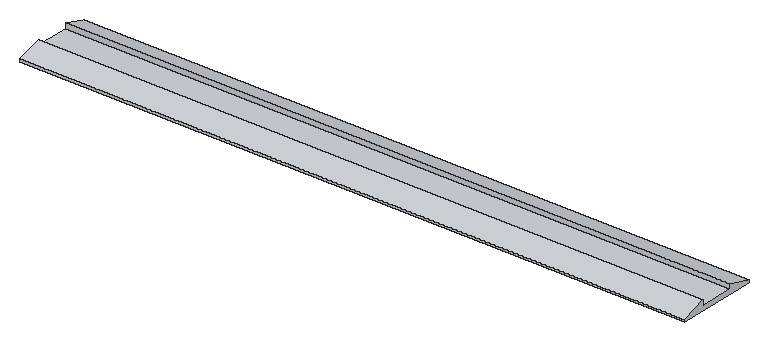
Revit family "PG_EINBAU_V2", category Allgemeines Modell, Revit 2018
Family settings
  Kann Basisbauteil für Bewehrung sein = Nein
  Bemaßung runder Anschluss = Durchmesser verwenden
  Teiletyp = Normal
  Beim Laden mit Abzugskörper schneiden = Ja
  Gemeinsam genutzt = Ja
  Raumberechnungspunkt = Nein
Parameters (values of type "MEARIN PG EVO-V1_2 Mörtelbett")
  h [instance] = Fussbodenhöhe + 10 mm - 27 mm  # 43 mm
  guid = "cf6c1bd8-9bf4-4563-8c57-07955e2378ac"  # constant formula
  URL = "https://www.mea-group.com/"
  Typ Entwässerungsbauteil = "Typ M"  # constant formula
  Technische Produktinformation = "https://www.mea-group.com/de/de/produkte/parkhaus-entwaesserungsrinne-mearin-pg-evo/"
  STLB-Bau Mustervorlage = "https://www.stlb-bau-online.de/Mustervorlagen/MEA-GROUP/Node"
  Nennweite mm Entwässerungsbauteil = "150"  # constant formula
  Nennweite = 150 mm
  Material = ""
  MEA-Volumen PCC-Mörtel [instance] = B_Fläche * [built-in parameter 1001306]  # 10.935 L
  MEA Planungshilfe = "https://www.mea-group.com/de/water-management/service/"
  built-in parameter 1001306 [instance] = 3000 mm
  Konstruktion Entwässerungsbauteil = "Kammrinne"  # constant formula
  IfcExportType = "USERDEFINED"  # constant formula
  IfcExportAs = "IfcWasteTerminalType"  # constant formula
  IfcDescription = Beschreibung  # "Monolithische Entwässerungsrinnen aus Glasfaser-Verbundstoff, Baubreite 180 / 170 mm. Geringe Bauhöhe 30 mm und Reduzierung der Stoßabdichtung durch Länge 3000 mm. Ausführungen mit Andicht-Flansch für OS-Einbau oder ohne Andicht-Flansch für Gussasphalt-Einbau. Standardmäßig erhältlich in 3 Farben (Grau, Schwarz, Rot), weitere Farben auf Anfrage, ab 1000 m Rinne. Brandverhalten gemäß DIN EN 13501-1 Bfl-S1, schwer entflammbar, Nr. 230011568-3."
  Hersteller = "MEA Bautechnik GmbH Geschäftsbereich MEA Water Management"  # constant formula
  Gewicht = "siehe Dichte Mörtel"  # constant formula
  Fussbodenhöhe [instance] = 60 mm
  Einbautechnologie = "Rinne allein"  # constant formula
  Einbau als AS [instance] = yes
  Breite = 180 mm
  Beschreibung = "Monolithische Entwässerungsrinnen aus Glasfaser-Verbundstoff, Baubreite 180 / 170 mm. Geringe Bauhöhe 30 mm und Reduzierung der Stoßabdichtung durch Länge 3000 mm. Ausführungen mit Andicht-Flansch für OS-Einbau oder ohne Andicht-Flansch für Gussasphalt-Einbau. Standardmäßig erhältlich in 3 Farben (Grau, Schwarz, Rot), weitere Farben auf Anfrage, ab 1000 m Rinne. Brandverhalten gemäß DIN EN 13501-1 Bfl-S1, schwer entflammbar, Nr. 230011568-3."
  Belastungsklasse Entwässerungsbauteil = "C 250"
  Bauteil, Entwässerung = "Entwässerungsrinne"  # constant formula
  Baustoff,Bettung/Fundament = "PCC-Mörtel/Epoxy-Mörtel"  # constant formula
  Bauelement = "Entwässerungsrinnen Oberflächenwasser"  # constant formula
  B_Fläche [instance] = 0.5 * (Breite + Nennweite) * h - (Nennweite * 23 mm)  # 0.003645 m²
  Ausführungsunterlagen = "gemäß Zeichnung und Einzelbeschreibung"  # constant formula
  Artikelnummer = "010141803"
Reference planes
  plane 1 "Mitte (Vorne/hinten)": y = 0
  plane 2: z = 0
  plane 3 "Links": x = 0
  plane 4 "Rechts": x = 3000
Forms (mm)
  Sweep 1, solid
    path in 3D
      loop
        line (0, 0, 0) -> (3000, 0, 0)
    profile "Profil PG-Mörtel_AS V2 : Profil PG-Mörtel_AS V2" origin (1500, 0, 0) x (0, 1, 0) y (0, 0, 1)
      loop
        line (-180, -60) -> (-180, -70) -> (180, -70) -> (180, -60) -> (75, -27.232) -> (75, -50) -> (-75, -50) -> (-75, -27.232) -> (-180, -60)
  Sweep 2, void
    path in 3D
      loop
        line (0, 0, 0) -> (3000, 0, 0)
    profile "Profil PG-Mörtel_AS V2 : Profil PG-Mörtel_AS V2" origin (1500, 0, 0) x (0, 1, 0) y (0, 0, 1)
      loop
        line (-180, -60) -> (-180, -70) -> (180, -70) -> (180, -60) -> (75, -27.232) -> (75, -50) -> (-75, -50) -> (-75, -27.232) -> (-180, -60)
Lines and regions (mm)
  reference lines
    curve 1: line (104.1, 0, 0) -> (2985, 0, 0)
  model lines
    curve 2: line (0, 0, 0) -> (3000, 0, 0)
  sketch lines
    curve 3: line (0, 0, 0) -> (3000, 0, 0)
    curve 4: line (0, 0, 0) -> (3000, 0, 0)
Dimensions and locks
  "built-in parameter 1001306": plane 3 "Links" to plane 4 "Rechts"
  aligned and locked: plane 1 "Mitte (Vorne/hinten)" to curve 1
  aligned and locked: level to plane 2
  aligned and locked: plane 4 "Rechts" to curve 2
  aligned and locked: plane 3 "Links" to curve 2
Automatic sketch dimensions
  plane 1 "Mitte (Vorne/hinten)" to curve 2 = 0 mm
  plane 3 "Links" to curve 1 = 104.1 mm
  curve 1 to plane 4 "Rechts" = 15 mm
